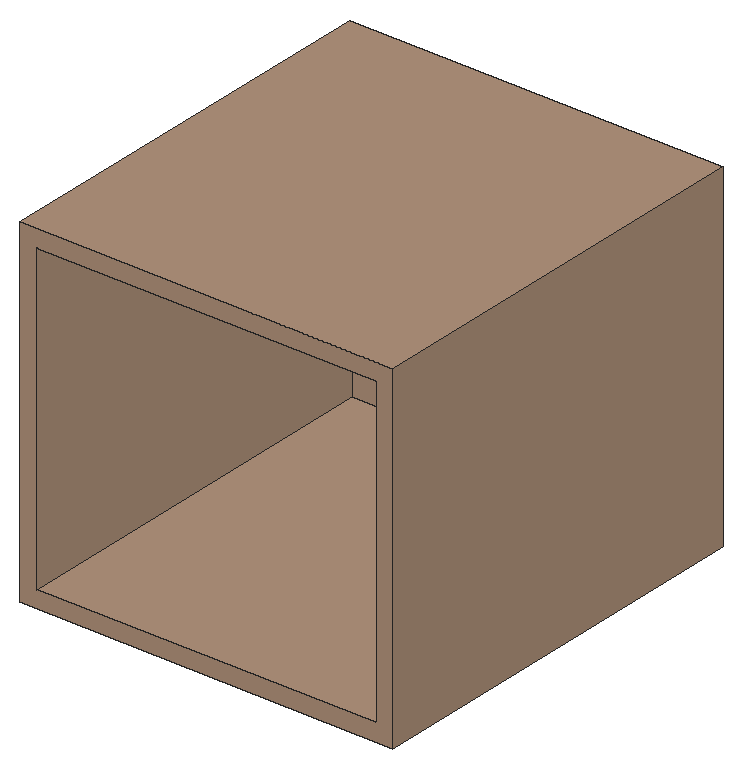
Revit family "Storage-Beam-Mounted-Teknion-JNBC-Suspended_Cubby-R2018", category Furniture, Revit 2018
Family settings
  OmniClass Number = 23.40.20.00
  OmniClass Title = General Furniture and Specialties
  Work Plane-Based = No
  Always vertical = Yes
  Cut with Voids When Loaded = No
  Shared = Yes
  Room Calculation Point = No
Parameters (values of type "Open Configuration")
  Warranty = "http://www.teknion.com/ca/papers/legal-canada"
  Unit Weight URL = "http://www.teknion.com/ca/tools/assets#&asset=bee6a381-b954-425e-8283-5a2de3a804f2,f828d448-4b62-4231-9e5f-9a8991c0ed77"
  URL = "www.teknion.com"
  To render please download texture images found here [instance] = "https://assets.teknion.com/web/5e81352c1dfdb467/revit-material-swatches/"
  Thickness of Worksurface [instance] = 3.000"
  Sustainability Data = "https://www.teknion.com/ca/tools/assets#&topic=216f99a5-57a0-44fc-b10a-9dee9b29ae4c&asset=444deb64-fe58-4b68-981e-f75e97781df7,b4ff2d81-9f2e-437d-9659-7cffb09c31cf"
  Shelves = no
  Shelf Finish [instance] = Paint - Teknion - Foundation - Soft Gris
  Series = "Expansion Cityline"  # constant formula
  Product Page URL = "https://www.teknion.com/ca/products/product-details?productlineid=9ad2a26e-8e7a-673b-a6c8-ff05004460c4"
  Product Line = "Expansion Cityline"  # constant formula
  Product Documentation Link = "https://www.teknion.com/pricing/expansion-cityline/pdfs/JNbc_ppg.pdf"
  Part Number = "JNBC"  # constant formula
  Model = "JNBCO141816"
  Manufacturer Phone = "416-661-3370"  # constant formula
  Manufacturer Fax = "416.661.4586"  # constant formula
  Manufacturer Contact Information = "http://www.teknion.com/ca/contactus"
  Manufacturer Address = "1150 Flint Road, Toronto, ON. M3J 2J5. Canada"  # constant formula
  Manufacturer = "Teknion"  # constant formula
  How To Use Teknion Materials User Guide [instance] = "https://assets.teknion.com/m/205dd0a49fa58060/original/How-to-add-a-Material-Library-and-Texture-Images-to-your-Revit-project.pdf"
  Height of Top of Worksurface [instance] = 30.811"
  Height [instance] = Height of Top of Worksurface - Thickness of Worksurface  # 27.811"
  For Additional Finishes please visit [instance] = "https://assets.teknion.com/m/44a8009b046e5d47/original/Teknion_Materials_Library.zip"
  Description = "Suspended Cubby, Open Configuration, 14\" Cases Height, 18\" Depth, 16\" Width"
  Case Finish [instance] = Source Laminate - Teknion - 3M - Provincial Oak
  Assembly Code = "E2020200"
Types (2): name | Shelves | Model | Description
  Open Configuration | no | "JNBCO141816" | "Suspended Cubby, Open Configuration, 14\" Cases Height, 18\" Depth, 16\" Width"
  Shelves Configuration | yes | "JNBCS141816" | "Suspended Cubby, Shelves Configuration, 14\" Cases Height, 18\" Depth, 16\" Width"
Reference planes (in)
  plane 1 "Center Front/Back": y = 0
  plane 2: z = 0
  plane 3 "Center Left/Right": x = 0
  plane 4 "Left": x = -7.75
  plane 5 "Right": x = 7.75
  plane 6 "Back": y = 8.55118
  plane 7 "Front": y = -8.55118
  plane 8 "Top": z = 27.811
Forms (in)
  Sweep 1, solid, material "Source Laminate - Teknion - 3M - Provincial Oak" <- "Case Finish"
    path origin (0, 0, 0) x (1, 0, 0) y (0, 1, 0)
      loop
        line (0, 8.55118) -> (0, -8.55118)
    profile origin (0, 0, 0) x (1, 0, 0) y (0, 0, 1)
      loop
        line (-7.75, 27.811) -> (-7.75, 13.68604) -> (7.75, 13.68604) -> (7.75, 27.811) -> (-7.75, 27.811)
  Sweep 2, void
    path origin (0, 0, 0) x (1, 0, 0) y (0, 1, 0)
      loop
        line (0, 7.81102) -> (0, -8.55118)
    profile origin (0, -0.37008, 0) x (1, 0, 0) y (0, 0, 1)
      loop
        line (-7.04921, 27.11021) -> (-7.04921, 14.38683) -> (7.04921, 14.38683) -> (7.04921, 27.11021) -> (-7.04921, 27.11021)
  Sweep 3, solid, material "Paint - Teknion - Foundation - Soft Gris" <- "Shelf Finish", visible <- "Shelves"
    path origin (0, 0, 0) x (1, 0, 0) y (0, 1, 0)
      loop
        line (-7.04921, 0) -> (7.04921, 0)
    profile origin (0, 0, 0) x (0, 1, 0) y (0, 0, 1)
      loop
        line (7.81102, 24.32304) -> (7.81102, 25.32304) -> (7.76378, 25.32304) -> (7.76378, 24.59076) -> (-8.55118, 24.59076) -> (-8.55118, 24.32304) -> (7.81102, 24.32304)
      loop
        line (7.81102, 21.7878) -> (7.81102, 22.7878) -> (7.76378, 22.7878) -> (7.76378, 22.05552) -> (-8.55118, 22.05552) -> (-8.55118, 21.7878) -> (7.81102, 21.7878)
      loop
        line (7.81102, 19.25257) -> (7.81102, 20.25257) -> (7.76378, 20.25257) -> (7.76378, 19.52028) -> (-8.55118, 19.52028) -> (-8.55118, 19.25257) -> (7.81102, 19.25257)
      loop
        line (7.81102, 16.71733) -> (7.81102, 17.71733) -> (7.76378, 17.71733) -> (7.76378, 16.98505) -> (-8.55118, 16.98505) -> (-8.55118, 16.71733) -> (7.81102, 16.71733)
Cuts and joins
  Sweep 2 cuts Sweep 1
Lines and regions (in)
  Masking region 1
    outline origin (0, 0, 0) x (1, 0, 0) y (0, 1, 0)
      loop
        line (-7.75, 8.55118) -> (-7.75, -8.55118) -> (7.75, -8.55118) -> (7.75, 8.55118) -> (-7.75, 8.55118)
  symbolic lines, style "FurnitureHiddenLines", detail levels medium+fine
    curve 1: line (-7.04921, -8.55118, 0) -> (-7.04921, 7.81102, 0)
    curve 2: line (7.04921, -8.55118, 0) -> (7.04921, 7.81102, 0)
    curve 3: line (7.04921, 7.81102, 0) -> (-7.04921, 7.81102, 0)
Dimensions and locks (in)
  locked: plane 4 "Left" to plane 5 "Right" at 15.5
  locked: plane 6 "Back" to plane 7 "Front" at 17.10236
  "Height": plane 8 "Top" to level
  equal spacing: plane 6 "Back", plane 1 "Center Front/Back", plane 7 "Front"
  equal spacing: plane 4 "Left", plane 3 "Center Left/Right", plane 5 "Right"
  locked: plane 8 "Top" to Sweep 1 sketch curve at 14.12496
  locked: plane 6 "Back" to Sweep 2 sketch curve at 0.74016
  plane 8 "Top" to Sweep 2 sketch curve to Sweep 2 sketch curve = 0.70079" locked, 12.72339" locked
  Sweep 2 sketch curve to plane 3 "Center Left/Right" to Sweep 2 sketch curve = 7.04921" locked, 7.04921" locked
  locked: plane 4 "Left" to Sweep 3 sketch curve at 0.70079
  locked: Sweep 3 sketch curve to plane 5 "Right" at 0.70079
  aligned and locked: level to plane 2
  aligned and locked: plane 6 "Back" to Sweep 1 sketch curve
  aligned and locked: plane 7 "Front" to Sweep 1 sketch curve
  aligned and locked: Sweep 1 sketch curve to plane 3 "Center Left/Right"
  aligned and locked: Sweep 1 sketch curve to plane 8 "Top"
  aligned and locked: Sweep 1 sketch curve to plane 5 "Right"
  aligned and locked: plane 4 "Left" to Sweep 1 sketch curve
  aligned and locked: Sweep 2 sketch curve to plane 3 "Center Left/Right"
  aligned and locked: plane 7 "Front" to Sweep 2 sketch curve
  aligned and locked: plane 1 "Center Front/Back" to Sweep 3 sketch curve
  aligned and locked: curve 1 to Sweep 3
  aligned and locked: curve 2 to Sweep 3
  aligned and locked: curve 3 to Sweep 3
Automatic sketch dimensions
  profile plane to Sweep 3 sketch curve = 8.55118"
  Sweep 3 sketch curve to profile plane = 7.76378"
  Sweep 3 sketch curve to Sweep 3 sketch curve = 0.04724"  (x7)
  level to Sweep 3 sketch curve = 24.32304"
  Sweep 3 sketch curve to Sweep 3 sketch curve = 0.26772"  (x4)
  Sweep 3 sketch curve to Sweep 3 sketch curve = 0.73228"  (x3)
  Sweep 3 sketch curve to Sweep 3 sketch curve = 0.000"  (x3)
  Sweep 3 sketch curve to Sweep 3 sketch curve = 1.53524"  (x3)
  Sweep 3 sketch curve to Sweep 3 sketch curve = 2.26752"
  Masking region 1 sketch curve to plane 4 "Left" = 0.000"
  Masking region 1 sketch curve to plane 5 "Right" = 0.000"
  Masking region 1 sketch curve to plane 7 "Front" = 0.000"
  Masking region 1 sketch curve to plane 6 "Back" = 0.000"
  plane 7 "Front" to curve 1 = 0.000"
  plane 7 "Front" to curve 2 = 0.000"
